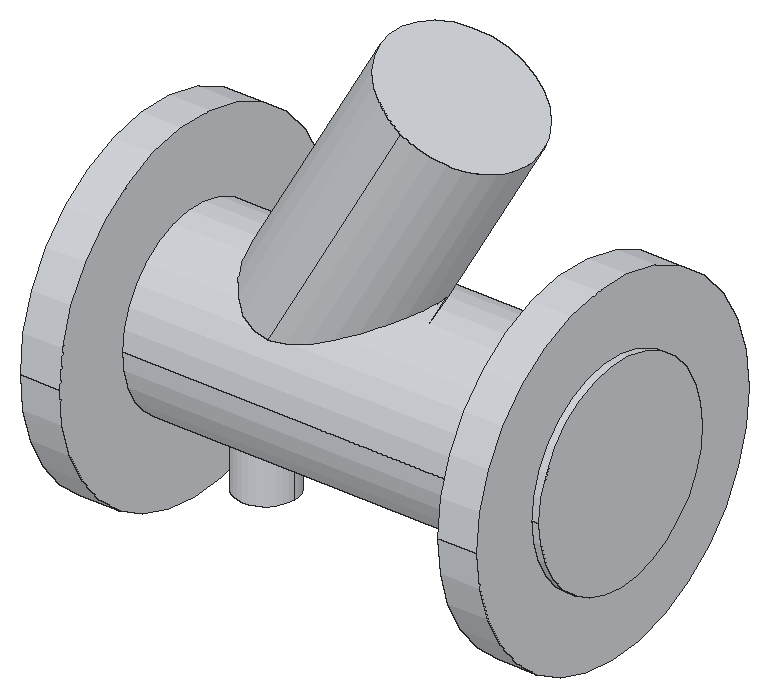
Revit family "HS 821-síto_standard-PN25-DN050-RFA_2018", category Pipe Accessories, Revit 2018
Family settings
  Round Connector Dimension = Use Diameter
  Part Type = Breaks Into
  Work Plane-Based = No
  Always vertical = Yes
  Cut with Voids When Loaded = No
  Shared = No
Parameters (values of type "821D-DN050-PN25-síto_standard")
  magiProductId = "5483b1f596b04cd39b23a14a22c90e"
  magiProductFamilyId = "79214ac3aaa945e397802f559f5c1e"
  magiPartTypeId = 307
  isMeasuringValve [instance] = no
  ang2D [instance] = 0.00°
  ZB__ve = -ZB  # -26.75 mm
  ZB1 = 40.095 mm
  ZB = 26.75 mm
  X2 = 79.061 mm
  X1 = 32.2 mm
  W2D = 15 mm
  VersionID = "2.0/2017.9.26.1/ZETKAMA_821_001"
  Use Minimum Symbol Size [instance] = yes
  URL = "www.hydronic.cz"
  Type Comments = "Filtr přírubový; síto standardní; A-PN16 (-10~300°C); D-PN25 (-10~350°C); F-PN40 (-10~400°C)"
  S = 99 mm
  QmdConnectorList = "301;D;302;D"
  Productdata [instance] = ""
  Manufacturer = "Hydronic Systems Prague s.r.o."
  MC Product Code = "200 250 (821D; DN050; PN25; kvs57,9; oko síta 1,00mm)"
  LM1 = 18.4 mm
  LM = 184 mm
  L4 = 57.5 mm
  L2D_Min = 3048 mm
  L2D = 130 mm
  L2 = 115 mm
  HH2 = 136.938 mm
  FD = 165 mm
  Description = "Filtr přírubový; síto standardní; 821A-PN16; 821D-PN25; 821F-PN40"
  DM1 = 73.8 mm
  DM = 89.1 mm
  D = 50 mm
  CC = 3.91 mm
  CAT0 = yes
  C1 = 19.09 mm
  C = 23 mm
  BD = 28.066 mm
Types (40, lengths in mm): name | magiProductId | ZB__ve | ZB1 | ZB | X2 | X1 | S | MC Product Code | LM1 | LM | L4 | L2 | HH2 | FD | DM1 | DM | D | CC | C1 | C | BD
  821A-DN015-PN16-síto_standard | "a71bcfe8b393460598b23e8ddf7dc5" | -16.25 | 18.63 | 16.25 | 46.982 | 18.2 | 46 | "200 115 (821A; DN015; PN16; kvs6,3; oko síta 1,00mm)" | 10.4 | 104 | 32.5 | 65 | 81.375 | 95 | 27.6 | 41.4 | 15 | 2.21 | 10.79 | 13 | 13.041
  821A-DN020-PN16-síto_standard | "41cd6c7a12924f4991217528336076" | -17.75 | 22.68 | 17.75 | 51.673 | 21 | 56 | "200 120 (821A; DN020; PN16; kvs11,2; oko síta 1,00mm)" | 12 | 120 | 37.5 | 75 | 89.5 | 105 | 33.6 | 50.4 | 20 | 2.55 | 12.45 | 15 | 15.876
  821A-DN025-PN16-síto_standard | "be378b463ed14c3abf4c9b3ae8cf3a" | -19.25 | 26.325 | 19.25 | 58.601 | 22.4 | 65 | "200 125 (821A; DN025; PN16; kvs14,7; oko síta 1,00mm)" | 12.8 | 128 | 40 | 80 | 101.5 | 115 | 43.2 | 58.5 | 25 | 2.72 | 13.28 | 16 | 18.427
  821A-DN032-PN16-síto_standard | "227a0d18b21540afabe8b6067d35fa" | -23 | 30.78 | 23 | 68.849 | 25.2 | 76 | "200 132 (821A; DN032; PN16; kvs23,7; oko síta 1,00mm)" | 14.4 | 144 | 45 | 90 | 119.25 | 140 | 50.4 | 68.4 | 32 | 3.06 | 14.94 | 18 | 21.546
  821A-DN040-PN16-síto_standard | "d106917c74724141a10440112d0102" | -24.5 | 34.02 | 24.5 | 75.777 | 28 | 84 | "200 140 (821A; DN040; PN16; kvs37,7; oko síta 1,00mm)" | 16 | 160 | 50 | 100 | 131.25 | 150 | 60 | 75.6 | 40 | 3.4 | 16.6 | 20 | 23.814
  821A-DN050-PN16-síto_standard | "8255d456a09e4f6486734f5dd9171b" | -26.75 | 40.095 | 26.75 | 79.061 | 32.2 | 99 | "200 150 (821A; DN050 PN16; kvs57,9; oko síta 1,00mm)" | 18.4 | 184 | 57.5 | 115 | 136.938 | 165 | 73.8 | 89.1 | 50 | 3.91 | 19.09 | 23 | 28.066
  821A-DN065-PN16-síto_standard | "235b1b3e4c0843779a4d5e3716d40a" | -29.75 | 47.79 | 29.75 | 86.927 | 40.6 | 118 | "200 165 (821A; DN065; PN16; kvs101,5; oko síta 1,25mm)" | 23.2 | 232 | 72.5 | 145 | 150.562 | 185 | 94.2 | 106.2 | 65 | 4.93 | 24.07 | 29 | 33.453
  821A-DN080-PN16-síto_standard | "a067f7c5236348ed8c820d16df7214" | -32 | 53.46 | 32 | 104.753 | 43.4 | 132 | "200 180 (821A; DN080; PN16; kvs147,4; oko síta 1,25mm)" | 24.8 | 248 | 77.5 | 155 | 181.438 | 200 | 107.4 | 118.8 | 80 | 5.27 | 25.73 | 31 | 37.422
  821A-DN100-PN16-síto_standard | "c49a648c2747461285837d643703cd" | -35 | 63.18 | 35 | 114.857 | 49 | 156 | "200 190 (821A; DN100; PN16; kvs209,6; oko síta 1,60mm)" | 28 | 280 | 87.5 | 175 | 198.937 | 220 | 131.4 | 140.4 | 100 | 5.95 | 29.05 | 35 | 44.226
  821A-DN125-PN16-síto_standard | "bf68e728a163493cbd2a663b26ebdc" | -39.5 | 74.52 | 39.5 | 131.888 | 56 | 184 | "200 191 (821A; DN125; PN16; kvs326,2; oko síta 1,60mm)" | 32 | 320 | 100 | 200 | 228.438 | 250 | 165 | 165.6 | 125 | 6.8 | 33.2 | 40 | 52.164
  821A-DN150-PN16-síto_standard | "2de770284b654863ae6bc865769dc5" | -44.75 | 85.455 | 44.75 | 155.885 | 67.2 | 211 | "200 192 (821A; DN150; PN16; kvs403; oko síta 1,60mm)" | 38.4 | 384 | 120 | 240 | 270 | 285 | 192 | 189.9 | 150 | 8.16 | 39.84 | 48 | 59.818
  821A-DN200-PN16-síto_standard | "8e5693371ab64aabb29a7f08c76e15" | -53 | 107.73 | 53 | 188.361 | 84 | 266 | "200 193 (821A; DN200; PN16; kvs707; oko síta 1,60mm)" | 48 | 480 | 150 | 300 | 326.25 | 340 | 252 | 239.4 | 200 | 10.2 | 49.8 | 60 | 75.411
  821A-DN250-PN16-síto_standard | "05e37ed948c34047acdd4c42556504" | -62.75 | 129.195 | 62.75 | 255.911 | 102.2 | 319 | "200 194 (821A; DN250; PN16; kvs1234; oko síta 1,60mm)" | 58.4 | 584 | 182.5 | 365 | 443.25 | 405 | 309.6 | 287.1 | 250 | 12.41 | 60.59 | 73 | 90.436
  821A-DN300-PN16-síto_standard | "9ad0af747269428da925480d83ce80" | -71 | 149.85 | 71 | 325.914 | 119 | 370 | "200 195 (821A; DN300; PN16; kvs1916; oko síta 1,60mm)" | 68 | 680 | 212.5 | 425 | 564.5 | 460 | 369.6 | 333 | 300 | 14.45 | 70.55 | 85 | 104.895
  821A-DN350-PN16-síto_standard | "eebc71459bb3451bb4355e7951370a" | -80 | 173.745 | 80 | 356.875 | 137.2 | 429 | "200 196 (821A; DN350; PN16; kvs2621; oko síta 1,60mm)" | 78.4 | 784 | 245 | 490 | 618.125 | 520 | 438 | 386.1 | 350 | 16.66 | 81.34 | 98 | 121.621
  821A-DN400-PN16-síto_standard | "d2f677cb196647e385b2590e7d8abe" | -89 | 194.4 | 89 | 392.237 | 154 | 480 | "200 197 (821A; DN400; PN16; kvs3460; oko síta 1,60mm)" | 88 | 880 | 275 | 550 | 679.375 | 580 | 498 | 432 | 400 | 18.7 | 91.3 | 110 | 136.08
  821D-DN015-PN25-síto_standard | "27ddcbf555414f8ca1fde329bf9087" | -16.25 | 18.63 | 16.25 | 46.982 | 18.2 | 46 | "200 215 (821D; DN015; PN25; kvs6,3; oko síta 1,00mm)" | 10.4 | 104 | 32.5 | 65 | 81.375 | 95 | 27.6 | 41.4 | 15 | 2.21 | 10.79 | 13 | 13.041
  821D-DN020-PN25-síto_standard | "270e0f14012f47189cd0235c18faee" | -17.75 | 22.68 | 17.75 | 51.673 | 21 | 56 | "200 220 (821D; DN020; PN25; kvs11,2; oko síta 1,00mm)" | 12 | 120 | 37.5 | 75 | 89.5 | 105 | 33.6 | 50.4 | 20 | 2.55 | 12.45 | 15 | 15.876
  821D-DN025-PN25-síto_standard | "b9a7fb4aa36643878c637d8e1ab992" | -19.25 | 26.325 | 19.25 | 58.601 | 22.4 | 65 | "200 225 (821D; DN025; PN25; kvs14,7; oko síta 1,00mm)" | 12.8 | 128 | 40 | 80 | 101.5 | 115 | 43.2 | 58.5 | 25 | 2.72 | 13.28 | 16 | 18.427
  821D-DN032-PN25-síto_standard | "6be9a55c4e68400f94eec7e804204c" | -23 | 30.78 | 23 | 68.849 | 25.2 | 76 | "200 232 (821D; DN032; PN25; kvs23,7; oko síta 1,00mm)" | 14.4 | 144 | 45 | 90 | 119.25 | 140 | 50.4 | 68.4 | 32 | 3.06 | 14.94 | 18 | 21.546
  821D-DN040-PN25-síto_standard | "c54511bd7f584ec2984291479612cb" | -24.5 | 34.02 | 24.5 | 75.777 | 28 | 84 | "200 240 (821D; DN040; PN25; kvs37,7; oko síta 1,00mm)" | 16 | 160 | 50 | 100 | 131.25 | 150 | 60 | 75.6 | 40 | 3.4 | 16.6 | 20 | 23.814
  821D-DN050-PN25-síto_standard | "5483b1f596b04cd39b23a14a22c90e" | -26.75 | 40.095 | 26.75 | 79.061 | 32.2 | 99 | "200 250 (821D; DN050; PN25; kvs57,9; oko síta 1,00mm)" | 18.4 | 184 | 57.5 | 115 | 136.938 | 165 | 73.8 | 89.1 | 50 | 3.91 | 19.09 | 23 | 28.066
  821D-DN065-PN25-síto_standard | "767b0f8318e94750bc7a9930ed5b30" | -29.75 | 47.79 | 29.75 | 86.927 | 40.6 | 118 | "200 265 (821D; DN065; PN25; kvs101,5; oko síta 1,25mm)" | 23.2 | 232 | 72.5 | 145 | 150.562 | 185 | 94.2 | 106.2 | 65 | 4.93 | 24.07 | 29 | 33.453
  821D-DN080-PN25-síto_standard | "e21040fa3cc2404b858198f6b73709" | -32 | 53.46 | 32 | 104.753 | 43.4 | 132 | "200 280 (821D; DN080; PN25; kvs147,4; oko síta 1,25mm)" | 24.8 | 248 | 77.5 | 155 | 181.438 | 200 | 107.4 | 118.8 | 80 | 5.27 | 25.73 | 31 | 37.422
  821D-DN100-PN25-síto_standard | "175ca87a506b40b3bc6b82f12f33cf" | -37.25 | 63.18 | 37.25 | 114.857 | 49 | 156 | "200 290 (821D; DN100; PN25; kvs209,6; oko síta 1,60mm)" | 28 | 280 | 87.5 | 175 | 198.937 | 235 | 131.4 | 140.4 | 100 | 5.95 | 29.05 | 35 | 44.226
  821D-DN125-PN25-síto_standard | "77cc98d60da24855999a22dff726b2" | -42.5 | 74.52 | 42.5 | 131.888 | 56 | 184 | "200 291 (821D; DN125; PN25; kvs326,2; oko síta 1,60mm)" | 32 | 320 | 100 | 200 | 228.438 | 270 | 165 | 165.6 | 125 | 6.8 | 33.2 | 40 | 52.164
  821D-DN150-PN25-síto_standard | "9cf8acfcd15547d68e83172d3abcbe" | -47 | 85.455 | 47 | 155.885 | 67.2 | 211 | "200 292 (821D; DN150; PN25; kvs403; oko síta 1,60mm)" | 38.4 | 384 | 120 | 240 | 270 | 300 | 192 | 189.9 | 150 | 8.16 | 39.84 | 48 | 59.818
  821D-DN200-PN25-síto_standard | "16973f3c9ea14389ba8602495a6b64" | -56 | 110.97 | 56 | 188.361 | 84 | 274 | "200 293 (821D; DN200; PN25; kvs707; oko síta 1,60mm)" | 48 | 480 | 150 | 300 | 326.25 | 360 | 252 | 246.6 | 200 | 10.2 | 49.8 | 60 | 77.679
  821F-DN015-PN40-síto_standard | "4c7eaf3c4c0340888b3e684d8a8616" | -16.25 | 18.225 | 16.25 | 46.982 | 18.2 | 45 | "240 615 (821F; DN015; PN40; kvs6,3; oko síta 1,00mm)" | 10.4 | 104 | 32.5 | 65 | 81.375 | 95 | 27.6 | 40.5 | 15 | 2.21 | 10.79 | 13 | 12.757
  821F-DN020-PN40-síto_standard | "aaac5f1ec96b44d6ba96ac2293d66d" | -17.75 | 23.49 | 17.75 | 51.673 | 21 | 58 | "240 620 (821F; DN020; PN40; kvs11,2; oko síta 1,00mm)" | 12 | 120 | 37.5 | 75 | 89.5 | 105 | 33.6 | 52.2 | 20 | 2.55 | 12.45 | 15 | 16.443
  821F-DN025-PN40-síto_standard | "504768023968471481789485b54c7e" | -19.25 | 27.54 | 19.25 | 58.601 | 22.4 | 68 | "240 625 (821F; DN025; PN40; kvs14,7; oko síta 1,00mm)" | 12.8 | 128 | 40 | 80 | 101.5 | 115 | 43.2 | 61.2 | 25 | 2.72 | 13.28 | 16 | 19.278
  821F-DN032-PN40-síto_standard | "165e7f39cf744f329bdf1c400dad12" | -23 | 31.59 | 23 | 68.849 | 25.2 | 78 | "240 632 (821F; DN032; PN40; kvs23,7; oko síta 1,00mm)" | 14.4 | 144 | 45 | 90 | 119.25 | 140 | 50.4 | 70.2 | 32 | 3.06 | 14.94 | 18 | 22.113
  821F-DN040-PN40-síto_standard | "b8903f952089408fbf3a5a632bab1f" | -24.5 | 35.64 | 24.5 | 75.777 | 28 | 88 | "240 640 (821F; DN040; PN40; kvs37,7; oko síta 1,00mm)" | 16 | 160 | 50 | 100 | 131.25 | 150 | 60 | 79.2 | 40 | 3.4 | 16.6 | 20 | 24.948
  821F-DN050-PN40-síto_standard | "c451f97266fe48da8f879cb6a2bd44" | -26.75 | 41.31 | 26.75 | 79.061 | 32.2 | 102 | "240 650 (821F; DN050; PN40; kvs57,9; oko síta 1,00mm)" | 18.4 | 184 | 57.5 | 115 | 136.938 | 165 | 73.8 | 91.8 | 50 | 3.91 | 19.09 | 23 | 28.917
  821F-DN065-PN40-síto_standard | "dc9821e3f9b34e128f6a8c6b34c198" | -29.75 | 49.41 | 29.75 | 86.927 | 40.6 | 122 | "240 665 (821F; DN065; PN40; kvs101,5; oko síta 1,25mm)" | 23.2 | 232 | 72.5 | 145 | 150.562 | 185 | 94.2 | 109.8 | 65 | 4.93 | 24.07 | 29 | 34.587
  821F-DN080-PN40-síto_standard | "689aa1e260f84cf4994f027a1d86b5" | -32 | 55.89 | 32 | 104.753 | 43.4 | 138 | "240 680 (821F; DN080; PN40; kvs147,4; oko síta 1,25mm)" | 24.8 | 248 | 77.5 | 155 | 181.438 | 200 | 107.4 | 124.2 | 80 | 5.27 | 25.73 | 31 | 39.123
  821F-DN100-PN40-síto_standard | "8a45d4e8e2ab425f8c432f21d684f3" | -37.25 | 65.61 | 37.25 | 114.857 | 49 | 162 | "240 690 (821F; DN100; PN40; kvs209,6; oko síta 1,6mm)" | 28 | 280 | 87.5 | 175 | 198.937 | 235 | 131.4 | 145.8 | 100 | 5.95 | 29.05 | 35 | 45.927
  821F-DN125-PN40-síto_standard | "cf073904c006406b8645afa67ea2fc" | -42.5 | 76.14 | 42.5 | 131.888 | 56 | 188 | "240 691 (821F; DN125; PN40; kvs326,2; oko síta 1,6mm)" | 32 | 320 | 100 | 200 | 228.438 | 270 | 165 | 169.2 | 125 | 6.8 | 33.2 | 40 | 53.298
  821F-DN150-PN40-síto_standard | "0153b9ddabe14992a630484929fdbc" | -47 | 88.29 | 47 | 155.885 | 67.2 | 218 | "240 692 (821F; DN150; PN40; kvs403; oko síta 1,6mm)" | 38.4 | 384 | 120 | 240 | 270 | 300 | 192 | 196.2 | 150 | 8.16 | 39.84 | 48 | 61.803
  821F-DN200-PN40-síto_standard | "7fb3fc01dd8d42428c203e3f8dd4d5" | -56 | 115.425 | 56 | 188.361 | 84 | 285 | "240 693 (821F; DN200; PN40; kvs707; oko síta 1,6mm)" | 48 | 480 | 150 | 300 | 326.25 | 360 | 252 | 256.5 | 200 | 10.2 | 49.8 | 60 | 80.797
Reference planes
  plane 1 "Center (Front/Back)": y = 0
  plane 2 "XYPLANE": z = 0
  plane 3 "Center (Left/Right)": x = 0
  plane 4 "109": x = -73.6
  plane 5 "108": x = 92
  plane 6 "107": x = -92
  plane 7 "105": x = 115
  plane 8 "104": x = -115
  plane 9 "103": y = 0
  plane 10 "102": z = 0
  plane 11 "101": x = -111.09
  plane 12 "100": x = 111.09
  plane 13 "11": x = -41.4
  plane 14 "10": z = 136.938
  plane 15 "9": x = 37.661
  plane 16 "5": z = -40.095
  plane 17 "4": x = -57.5
  plane 18 "1": x = 57.5
Forms (mm)
  Extrusion 1, solid, visible <- "CAT0"
    sketch origin (-92, -750, 0) x (0, 1, 0) y (0, 0, 1)
      loop
        circle (750, 0) r 44.55
    from 0 to 184 <- "LM"
  Extrusion 2, solid
    sketch origin (-115, -750, 0) x (0, 1, 0) y (0, 0, 1)
      loop
        circle (750, 0) r 49.5
    from 0 to 3.91 <- "CC"
  Extrusion 3, solid
    sketch origin (-111.09, -750, 0) x (0, 1, 0) y (0, 0, 1)
      loop
        circle (750, 0) r 82.5
    from 0 to 19.09 <- "C1"
  Extrusion 4, solid
    sketch origin (92, -750, 0) x (0, 1, 0) y (0, 0, 1)
      loop
        circle (750, 0) r 82.5
    from 0 to 19.09 <- "C1"
  Extrusion 5, solid
    sketch origin (111.09, -750, 0) x (0, 1, 0) y (0, 0, 1)
      loop
        circle (750, 0) r 49.5
    from 0 to 3.91 <- "CC"
  Sweep 6, solid, visible <- "CAT0"
    path origin (750, 0, 0) x (-1, 0, 0) y (0, 0, 1)
      loop
        line (842, 0) -> (791.4, 0) -> (712.339, 136.938)
    profile origin (-92, 0, 0) x (0, 0, -1) y (0, 1, 0)
      loop
        circle (0, 0) r 36.9
  Extrusion 7, solid, visible <- "CAT0"
    sketch origin (-750, 0, -40.095) x (1, 0, 0) y (0, 1, 0)
      loop
        circle (692.5, 0) r 14.033
    from 0 to -26.75 <- "ZB__ve"
  Extrusion 8, solid, visible <- "CAT0"
    sketch origin (-750, 0, -40.095) x (1, 0, 0) y (0, 1, 0)
      loop
        circle (807.5, 0) r 14.033
    from 0 to -26.75 <- "ZB__ve"
  Extrusion 9, solid, not visible
    sketch origin (115, -750, 0) x (0, 1, 0) y (0, 0, 1)
      loop
        circle (750, 0) r 10
    from 0 to -10
  Extrusion 10, solid, not visible
    sketch origin (-115, -750, 0) x (0, 1, 0) y (0, 0, 1)
      loop
        circle (750, 0) r 10
    from 0 to 10
Lines and regions (mm)
  reference lines, not visible
    curve 1: circle (2, 2, 0) r 1 normal (0, 0, 1)
Dimensions and locks
  plane 1 "Center (Front/Back)" to curve 1 = 2 mm
  "LM1": plane 6 "107" to plane 4 "109"
  "LM": plane 6 "107" to plane 5 "108"
  "C": plane 8 "104" to plane 6 "107"
  "L2": plane 3 "Center (Left/Right)" to plane 7 "105"
  "L2": plane 3 "Center (Left/Right)" to plane 8 "104"
  locked: plane 1 "Center (Front/Back)" to plane 9 "103"
  locked: plane 2 "XYPLANE" to plane 10 "102"
  "CC": plane 8 "104" to plane 11 "101"
  "C1": plane 5 "108" to plane 12 "100"
  "X1": plane 4 "109" to plane 13 "11"
  "HH2": plane 2 "XYPLANE" to plane 14 "10"
  "X2": plane 13 "11" to plane 15 "9"
  "ZB1": plane 2 "XYPLANE" to plane 16 "5"
  "L4": plane 8 "104" to plane 17 "4"
  "L2": plane 17 "4" to plane 18 "1"
  Sweep 6 sketch curve to Sweep 6 sketch curve = 0 mm  (x2)
  "DM": diameter of Extrusion 1 sketch curve
  "S": diameter of Extrusion 2 sketch curve
  "FD": diameter of Extrusion 3 sketch curve
  "FD": diameter of Extrusion 4 sketch curve
  "S": diameter of Extrusion 5 sketch curve
  "DM1": diameter of Sweep 6 sketch curve
  "BD": diameter of Extrusion 7 sketch curve
  "BD": diameter of Extrusion 8 sketch curve
  aligned and locked: level to plane 2 "XYPLANE"
  aligned and locked: Extrusion 1 sketch curve to plane 9 "103"
  aligned and locked: plane 10 "102" to Extrusion 1 sketch curve
  aligned and locked: Extrusion 2 sketch curve to plane 9 "103"
  aligned and locked: plane 10 "102" to Extrusion 2 sketch curve
  aligned and locked: Extrusion 3 sketch curve to plane 9 "103"
  aligned and locked: plane 10 "102" to Extrusion 3 sketch curve
  aligned and locked: Extrusion 4 sketch curve to plane 9 "103"
  aligned and locked: plane 10 "102" to Extrusion 4 sketch curve
  aligned and locked: Extrusion 5 sketch curve to plane 9 "103"
  aligned and locked: plane 10 "102" to Extrusion 5 sketch curve
  aligned and locked: Sweep 6 sketch curve to plane 9 "103"
  aligned and locked: plane 10 "102" to Sweep 6 sketch curve  (x3)
  aligned and locked: plane 6 "107" to Sweep 6 sketch curve
  aligned and locked: plane 13 "11" to Sweep 6 sketch curve
  aligned and locked: plane 14 "10" to Sweep 6 sketch curve
  aligned and locked: plane 15 "9" to Sweep 6 sketch curve
  aligned and locked: plane 9 "103" to Extrusion 7 sketch curve
  aligned and locked: plane 17 "4" to Extrusion 7 sketch curve
  aligned and locked: plane 9 "103" to Extrusion 8 sketch curve
  aligned and locked: plane 18 "1" to Extrusion 8 sketch curve
  aligned and locked: Extrusion 9 sketch curve to plane 9 "103"
  aligned and locked: plane 10 "102" to Extrusion 9 sketch curve
  aligned and locked: Extrusion 10 sketch curve to plane 9 "103"
  aligned and locked: plane 10 "102" to Extrusion 10 sketch curve
Automatic sketch dimensions
  plane 1 "Center (Front/Back)" to Extrusion 9 sketch curve = 10 mm
  plane 1 "Center (Front/Back)" to Extrusion 10 sketch curve = 10 mm
  plane 3 "Center (Left/Right)" to curve 1 = 2 mm
  radius of curve 1 = 1 mm
Connectors
  piping at (-115, 0, 0), diameter 50, driven by "D"
    settings: on Extrusion 10, index 1, connector inside diameter 609.6 mm, connector length 0 mm, flow factor 0, pipe flow 0.0 L/s, pressure drop 0.0 Pa, fitting loss kfactor 0, connector angle 0.00°, fixture units 0, engagement length 0 mm, angle of deflection 0.00°, flow configuration 0, flow direction 0, fitting loss method 0, system type 29, joint type 0, gender type 0, connector reference index 2, connector utility 0, adjustable connector no, is connector primary yes, connector description ""
  piping at (115, 0, 0), diameter 50, driven by "D"
    settings: on Extrusion 9, index 2, connector inside diameter 609.6 mm, connector length 0 mm, flow factor 0, pipe flow 0.0 L/s, pressure drop 0.0 Pa, fitting loss kfactor 0, connector angle 0.00°, fixture units 0, engagement length 0 mm, angle of deflection 0.00°, flow configuration 0, flow direction 0, fitting loss method 0, system type 29, joint type 0, gender type 0, connector reference index 1, connector utility 0, adjustable connector no, is connector primary no, connector description ""
